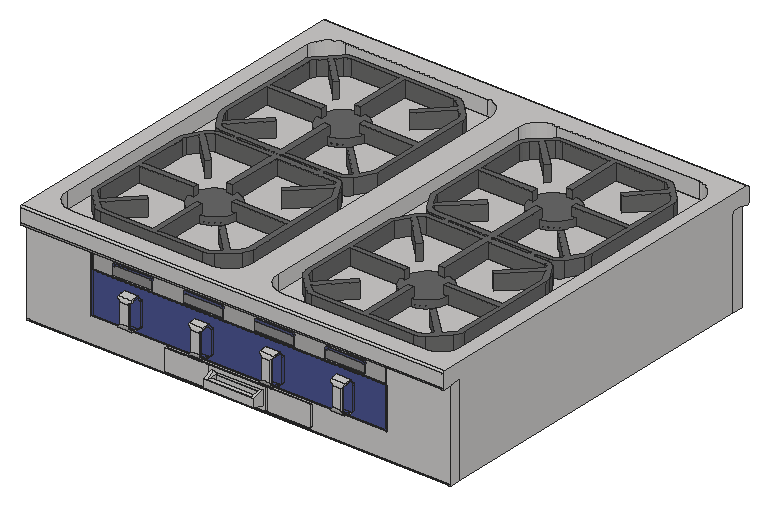
Revit family "QF_ELECTROLUXPROFESSIONAL_593313_MCGDABEOVI", category Specialty Equipment, Revit 2018
Family settings
  Round Connector Dimension = Use Diameter
  Part Type = Normal
  Work Plane-Based = No
  Always vertical = Yes
  Cut with Voids When Loaded = No
  Shared = No
  Room Calculation Point = No
Parameters (values of type "Standard")
  Weight = 41.00 kg
  Watts = 0 W
  Volts = 0 V
  URL Manufacturer = "http://professional.electrolux.com"
  URL = "http://professional.electrolux.com"
  Steam Supply Size = 0"
  Steam Supply Minimum Pressure = 0.00 psi
  Steam Supply Maximum Pressure = 0.00 psi
  Steam Pounds per Hour = 0
  Show Clearance [instance] = yes
  Refrigeration Suction Line Size = 0 mm
  Refrigeration Liquid Line Size = 0 mm
  Refrigerant Compressor Remote = yes
  Phase = 0
  Model = "MCGDABEOVI"
  Manufacturer = "Electrolux Professional"
  Length Actual = 500 mm  # constant formula
  Item Number = "593313"
  Hot Water Size = 0"
  Height Actual = 250 mm  # constant formula
  HP = "0 HP"
  Gas Size = 1/2"
  Gas KW = 17
  Gas Input Pressure = 1.63571 Btu/h
  Direct Waste Size = 0"
  Description = "GAS TOP,2B,TOWNGAS,ECO,1S,BS,500X900X250"
  Depth Actual = 900 mm  # constant formula
  Cycle = 0 Hz
  Condensate Return Size = 0"
  Compressed Air Volume = 0 GPM
  Compressed Air Size = 0"
  Compressed Air Pressure = 0.00 psi
  Cold Water Size = 0"
  Back Panel [instance] = yes
  Accessory = yes
Reference planes
  plane 1 "BACK": y = 0
  plane 2: z = 0
  plane 3 "LEFT": x = 0
  plane 4 "RIGHT": x = 1000
  plane 5 "FRONT": y = -900
  plane 6 "TOP": z = 250
  plane 7: x = 500
  plane 8: y = -450
  plane 9: x = 965
  plane 10: y = -60.425
  plane 11: y = -1330
Forms (mm)
  Extrusion 1, solid, material "QF_Finishes_Stainless Steel"
    sketch origin (0, -487.128, 0) x (0, 1, 0) y (0, 0, 1)
      loop
        line (483.128, 250) -> (-408.872, 250)
        arc (-408.872, 250) -> (-411.7, 248.828) -> (-412.872, 246) r 4
        line (-412.872, 246) -> (-412.872, 214)
        arc (-412.872, 214) -> (-411.437, 210.931) -> (-408.161, 210.064) r 4
        line (-408.161, 210.064) -> (-392.872, 213) -> (-367.872, 213) -> (-367.872, 0) -> (441.714, 0) -> (441.714, 213) -> (465.765, 213) -> (482.433, 210.061)
        arc (482.433, 210.061) -> (485.699, 210.936) -> (487.128, 214) r 4
        line (487.128, 214) -> (487.128, 246)
        arc (487.128, 246) -> (485.956, 248.828) -> (483.128, 250) r 4
    from 0 to 1000
  Extrusion 2, solid, material "QF_Finishes_Stainless Steel", visible <- "Back Panel"
    sketch origin (0, 0.586, 0) x (0, 1, 0) y (0, 0, 1)
      loop
        line (-46, 0) -> (-21, 0) -> (-21, 212.833) -> (-21.949, 213) -> (-46, 213) -> (-46, 0)
    from 0 to 1000
  Extrusion 3, void
    sketch origin (653.786, 44.048, 250) x (1, 0, 0) y (0, -1, 0)
      loop
        line (-570.234, 89.462) -> (-234.333, 89.462)
        arc (-234.333, 89.462) -> (-199.707, 103.805) -> (-185.364, 138.432) r 48.97
        line (-185.364, 138.432) -> (-185.364, 850.078)
        arc (-185.364, 850.078) -> (-199.707, 884.705) -> (-234.333, 899.048) r 48.97
        line (-234.333, 899.048) -> (-570.234, 899.048)
        arc (-570.234, 899.048) -> (-605.59, 884.403) -> (-620.234, 849.048) r 50
        line (-620.234, 849.048) -> (-620.234, 139.462)
        arc (-620.234, 139.462) -> (-605.59, 104.107) -> (-570.234, 89.462) r 50
      loop
        line (264.679, 899.048) -> (-71.222, 899.048)
        arc (-71.222, 899.048) -> (-106.577, 884.403) -> (-121.222, 849.048) r 50
        line (-121.222, 849.048) -> (-121.222, 139.462)
        arc (-121.222, 139.462) -> (-106.577, 104.107) -> (-71.222, 89.462) r 50
        line (-71.222, 89.462) -> (264.679, 89.462)
        arc (264.679, 89.462) -> (299.306, 103.805) -> (313.649, 138.432) r 48.97
        line (313.649, 138.432) -> (313.649, 850.078)
        arc (313.649, 850.078) -> (299.306, 884.705) -> (264.679, 899.048) r 48.97
    from 0 to 37
  Extrusion 4, solid, material "QF_Finishes_Stainless Steel"
    sketch origin (10, -759, 0) x (1, 0, 0) y (0, -1, 0)
      loop
        circle (955, -169) r 6.35
    from 0 to 3.2
  Extrusion 5, solid, material "QF_Door-Drawer Clearances", visible <- "Show Clearance", detail levels coarse
    sketch origin (-178.969, -4572, 0) x (-1, 0, 0) y (0, -1, 0)
      loop
        line (-507.364, -3689.407) -> (-507.364, -3242) -> (-851.364, -3242) -> (-851.364, -3689.407) -> (-507.364, -3689.407)
    from 8.012 to 59.392
Cuts and joins
  Extrusion 3 cuts Extrusion 1
Lines and regions (mm)
  symbolic lines
    curve 1: line (0, 0, 0) -> (1000, 0, 0)
    curve 2: line (0, -900, 0) -> (0, 0, 0)
    curve 3: line (1000, -900, 0) -> (0, -900, 0)
    curve 4: line (1000, 0, 0) -> (1000, -900, 0)
    curve 5: arc (83.552, -855, 0) -> (48.197, -840.355, 0) -> (33.552, -805, 0) r 50
    curve 6: line (33.552, -805, 0) -> (33.552, -95.414, 0)
    curve 7: arc (33.552, -95.414, 0) -> (48.197, -60.059, 0) -> (83.552, -45.414, 0) r 50
    curve 8: line (83.552, -45.414, 0) -> (417.592, -45.414, 0)
    curve 9: arc (918.465, -45.414, 0) -> (953.092, -59.757, 0) -> (967.435, -94.384, 0) r 48.97
    curve 10: line (967.435, -94.384, 0) -> (967.435, -806.03, 0)
    curve 11: arc (967.435, -806.03, 0) -> (953.092, -840.657, 0) -> (918.465, -855, 0) r 48.97
    curve 12: line (918.465, -855, 0) -> (582.408, -855, 0)
    curve 13: line (582.408, -45.414, 0) -> (918.465, -45.414, 0)
    curve 14: line (417.592, -855, 0) -> (83.552, -855, 0)
    curve 15: arc (582.408, -855, 0) -> (547.053, -840.355, 0) -> (532.408, -805, 0) r 50
    curve 16: line (532.408, -805, 0) -> (532.408, -95.414, 0)
    curve 17: arc (532.408, -95.414, 0) -> (547.053, -60.059, 0) -> (582.408, -45.414, 0) r 50
    curve 18: arc (417.592, -855, 0) -> (452.947, -840.355, 0) -> (467.592, -805, 0) r 50
    curve 19: line (467.592, -805, 0) -> (467.592, -95.414, 0)
    curve 20: arc (467.592, -95.414, 0) -> (452.947, -60.059, 0) -> (417.592, -45.414, 0) r 50
  symbolic lines, style "QF_Door-Drawer Clearances"
    curve 21: line (328.395, -900, 0) -> (328.395, -1330, 0)
    curve 22: line (328.395, -1330, 0) -> (672.395, -1330, 0)
    curve 23: line (672.395, -1330, 0) -> (672.395, -900, 0)
Dimensions and locks
  plane 3 "LEFT" to plane 4 "RIGHT" = 1000 mm
  plane 5 "FRONT" to plane 1 "BACK" = 900 mm
  equal spacing: plane 3 "LEFT", plane 7, plane 4 "RIGHT"
  equal spacing: plane 5 "FRONT", plane 8, plane 1 "BACK"
  plane 6 "TOP" to level = 250 mm  (x2)
  plane 1 "BACK" to plane 5 "FRONT" = 900 mm
  Extrusion 4 sketch curve to plane 1 "BACK" = 590 mm
  Extrusion 4 sketch curve to plane 4 "RIGHT" = 35 mm
  plane 1 "BACK" to Extrusion 4 = 590 mm
  plane 9 to plane 4 "RIGHT" = 35 mm
  plane 5 "FRONT" to plane 11 = 430 mm
  aligned and locked: level to plane 2
  aligned and locked: Extrusion 1 to plane 4 "RIGHT"
Automatic sketch dimensions
  Extrusion 1 sketch curve to plane 5 "FRONT" = 0 mm
  Extrusion 1 sketch curve to plane 6 "TOP" = 0 mm
  Extrusion 1 sketch curve to level = 0 mm
  Extrusion 1 sketch curve to plane 1 "BACK" = 0 mm
  Extrusion 1 sketch curve to plane 6 "TOP" = 37 mm  (x2)
  Extrusion 1 sketch curve to plane 5 "FRONT" = 4 mm
  Extrusion 1 sketch curve to plane 5 "FRONT" = 20 mm
  Extrusion 1 sketch curve to plane 5 "FRONT" = 45 mm
  plane 1 "BACK" to Extrusion 1 sketch curve = 21.363 mm
  plane 1 "BACK" to Extrusion 1 sketch curve = 4 mm  (x2)
  Extrusion 1 sketch curve to Extrusion 1 sketch curve = 4 mm
  Extrusion 1 sketch curve to Extrusion 1 sketch curve = 0.711 mm
  plane 1 "BACK" to Extrusion 1 sketch curve = 4.695 mm
  Extrusion 1 sketch curve to Extrusion 1 sketch curve = 0 mm  (x2)
  Extrusion 1 sketch curve to Extrusion 1 sketch curve = 1 mm  (x2)
  plane 1 "BACK" to Extrusion 1 sketch curve = 45.414 mm
  Extrusion 2 sketch curve to level = 0 mm
  plane 10 to Extrusion 2 sketch curve = 15.012 mm
  Extrusion 2 sketch curve to plane 6 "TOP" = 37.167 mm
  Extrusion 2 sketch curve to Extrusion 2 sketch curve = 0.949 mm
  plane 1 "BACK" to Extrusion 2 sketch curve = 20.414 mm
  Extrusion 2 sketch curve to plane 6 "TOP" = 37 mm
  plane 1 "BACK" to curve 1 = 0 mm
  curve 1 to plane 4 "RIGHT" = 0 mm
  curve 3 to plane 3 "LEFT" = 0 mm
  plane 5 "FRONT" to curve 3 = 0 mm
  curve 10 to plane 9 = 2.435 mm
  plane 10 to curve 13 = 15.012 mm
  plane 9 to curve 13 = 46.535 mm
  plane 9 to curve 12 = 46.535 mm
  plane 7 to curve 16 = 32.408 mm
  curve 19 to plane 7 = 32.408 mm
  plane 3 "LEFT" to curve 8 = 83.552 mm
  plane 3 "LEFT" to curve 14 = 83.552 mm
  plane 3 "LEFT" to curve 6 = 33.552 mm
  curve 15 to curve 16 = 50 mm
  curve 20 to plane 10 = 34.988 mm
  curve 18 to plane 5 "FRONT" = 45 mm
  curve 19 to curve 18 = 50 mm
  Extrusion 1 to Extrusion 3 sketch curve = 33.552 mm
  Extrusion 1 to Extrusion 3 sketch curve = 41 mm  (x2)
  Extrusion 3 sketch curve to Extrusion 3 sketch curve = 50 mm  (x4)
  Extrusion 1 to Extrusion 3 sketch curve = 41.414 mm
  Extrusion 3 sketch curve to Extrusion 3 sketch curve = 335.901 mm  (x2)
  Extrusion 3 sketch curve to Extrusion 3 sketch curve = 48.97 mm
  Extrusion 3 sketch curve to Extrusion 3 sketch curve = 64.142 mm
  Extrusion 1 to Extrusion 3 sketch curve = 81.535 mm  (x2)
  Extrusion 1 to Extrusion 3 sketch curve = 32.565 mm
  Extrusion 3 sketch curve to Extrusion 3 sketch curve = 1.03 mm
  curve 18 to curve 16 = 0 mm
  plane 10 to curve 8 = 15.012 mm
  curve 16 to plane 10 = 34.988 mm
  Extrusion 5 sketch curve to plane 5 "FRONT" = 17.407 mm
  plane 7 to Extrusion 5 sketch curve = 172.395 mm
  Extrusion 5 sketch curve to plane 7 = 171.605 mm
  plane 5 "FRONT" to Extrusion 5 sketch curve = 430 mm
  curve 21 to plane 11 = 0 mm
  curve 21 to plane 7 = 171.605 mm
  plane 7 to curve 22 = 172.395 mm
  curve 21 to plane 5 "FRONT" = 0 mm
  curve 23 to plane 5 "FRONT" = 0 mm
  radius of Extrusion 4 sketch curve = 6.35 mm
Nested families
  nested 1: "OBT_900_Open Burner" at (250, -450.207, -649.319), type "OBT_900_Open Burner"
  nested 2: "OBT_900_Open Burner" at (750, -450.207, -649.319) x (-1, 0, 0) z (0, 0, 1), type "OBT_900_Open Burner"
  nested 3: "EG_900_1000_Four Range Control Handle Front Panel" at (202.376, -855, -650), type "EG_900_1000_Four Range Control Handle Front Panel"
Connectors
  piping at (965, -590, -3.2), diameter 12.8
    settings: on Extrusion 4, index 1, connector inside diameter 0.50394", connector length 0 mm, flow factor 0, pipe flow 0 GPM, pressure drop 0.00 psi, fitting loss kfactor 0, connector angle 0.00°, fixture units 0, engagement length 0 mm, angle of deflection 0.00°, flow configuration 1, flow direction 1, fitting loss method 0, system type 7, joint type 0, gender type 0, connector reference index -1, connector utility 0, adjustable connector no, is connector primary yes, connector description "GAS CONNECTION"
Definition of nested family "OBT_900_Open Burner"
  Reference planes
    plane 1 "Center (Front/Back)": y = 0
    plane 2: z = 0
    plane 3 "Center (Left/Right)": x = 0
    plane 4: x = -186.448
    plane 5: x = 187.435
    plane 6: y = 374.793
    plane 7: y = -374.793
    plane 8: y = -188.326
  Forms (mm)
    Extrusion 1, solid
      sketch origin (2130.573, 56.896, -679.622) x (1, 0, 0) y (0, 1, 0)
        loop
          line (-2137.44, 306.49) -> (-2250.793, 306.49)
          arc (-2250.793, 306.49) -> (-2257.908, 305.075) -> (-2263.94, 301.044) r 18.593
          line (-2263.94, 301.044) -> (-2276.233, 288.751) -> (-2213.48, 225.998) -> (-2221.6, 217.877) -> (-2284.354, 280.631) -> (-2300.33, 264.654)
          arc (-2300.33, 264.654) -> (-2304.433, 258.337) -> (-2305.614, 250.897) r 18.125
          line (-2305.614, 250.897) -> (-2305.614, 138.422) -> (-2175.79, 138.422) -> (-2175.79, 126.938) -> (-2305.614, 126.938) -> (-2305.614, 10.897)
          arc (-2305.614, 10.897) -> (-2304.981, 6.085) -> (-2303.123, 1.601) r 18.593
          line (-2303.123, 1.601) -> (-2290.078, -20.994) -> (-2221.6, 47.483) -> (-2213.48, 39.363) -> (-2284.012, -31.169)
          arc (-2284.012, -31.169) -> (-2278.546, -38.527) -> (-2270.23, -42.379) r 18.593
          line (-2270.23, -42.379) -> (-2137.44, -42.379) -> (-2137.44, 87.464) -> (-2123.707, 87.464) -> (-2123.707, -42.379) -> (-1989.813, -42.379)
          arc (-1989.813, -42.379) -> (-1981.496, -38.527) -> (-1976.031, -31.169) r 18.593
          line (-1976.031, -31.169) -> (-2047.115, 39.915) -> (-2038.994, 48.035) -> (-1969.962, -20.997) -> (-1954.428, 5.916) -> (-1954.428, 126.938) -> (-2085.357, 126.938) -> (-2085.357, 138.422) -> (-1954.428, 138.422) -> (-1954.428, 247.888)
          arc (-1954.428, 247.888) -> (-1956.538, 258.496) -> (-1962.547, 267.489) r 27.72
          line (-1962.547, 267.489) -> (-1975.689, 280.631) -> (-2038.994, 217.325) -> (-2047.115, 225.446) -> (-1983.809, 288.751) -> (-1996.102, 301.044)
          arc (-1996.102, 301.044) -> (-2002.134, 305.075) -> (-2009.25, 306.49) r 18.593
          line (-2009.25, 306.49) -> (-2123.707, 306.49) -> (-2123.707, 177.897) -> (-2137.44, 177.897) -> (-2137.44, 306.49)
        loop
          arc (-2317.021, 10.897) -> (-2315.999, 3.132) -> (-2313.002, -4.103) r 30
          line (-2313.002, -4.103) -> (-2292.795, -39.103)
          arc (-2292.795, -39.103) -> (-2281.814, -50.084) -> (-2266.814, -54.103) r 30
          line (-2266.814, -54.103) -> (-2239.287, -54.103)
          arc (-2239.287, -54.103) -> (-2238.243, -56) -> (-2236.272, -56.896) r 3.438
          arc (-2236.272, -56.896) -> (-2238.243, -57.792) -> (-2239.287, -59.689) r 3.438
          line (-2239.287, -59.689) -> (-2266.814, -59.689)
          arc (-2266.814, -59.689) -> (-2281.814, -63.708) -> (-2292.795, -74.689) r 30
          line (-2292.795, -74.689) -> (-2313.002, -109.689)
          arc (-2313.002, -109.689) -> (-2315.999, -116.924) -> (-2317.021, -124.689) r 30
          line (-2317.021, -124.689) -> (-2317.021, -365.461)
          arc (-2317.021, -365.461) -> (-2314.738, -376.941) -> (-2308.234, -386.674) r 30
          line (-2308.234, -386.674) -> (-2271.975, -422.933)
          arc (-2271.975, -422.933) -> (-2262.253, -429.414) -> (-2250.793, -431.689) r 30
          line (-2250.793, -431.689) -> (-2009.25, -431.689)
          arc (-2009.25, -431.689) -> (-1997.786, -429.412) -> (-1988.062, -422.928) r 30
          line (-1988.062, -422.928) -> (-1951.808, -386.674)
          arc (-1951.808, -386.674) -> (-1945.305, -376.941) -> (-1942.982, -365.461) r 30
          line (-1942.982, -365.461) -> (-1942.982, -116.719) -> (-1967.248, -74.689)
          arc (-1967.248, -74.689) -> (-1978.229, -63.708) -> (-1993.229, -59.689) r 30
          line (-1993.229, -59.689) -> (-2020.319, -59.689)
          arc (-2020.319, -59.689) -> (-2021.979, -57.759) -> (-2024.375, -56.896) r 5
          arc (-2024.375, -56.896) -> (-2021.979, -56.033) -> (-2020.319, -54.103) r 5
          line (-2020.319, -54.103) -> (-1993.229, -54.103)
          arc (-1993.229, -54.103) -> (-1978.229, -50.084) -> (-1967.248, -39.103) r 30
          line (-1967.248, -39.103) -> (-1943.138, 2.656) -> (-1943.138, 254.314)
          arc (-1943.138, 254.314) -> (-1945.839, 264.361) -> (-1951.808, 272.882) r 30
          line (-1951.808, 272.882) -> (-1988.062, 309.136)
          arc (-1988.062, 309.136) -> (-1997.786, 315.62) -> (-2009.25, 317.897) r 30
          line (-2009.25, 317.897) -> (-2250.793, 317.897)
          arc (-2250.793, 317.897) -> (-2262.253, 315.622) -> (-2271.975, 309.141) r 30
          line (-2271.975, 309.141) -> (-2308.234, 272.882)
          arc (-2308.234, 272.882) -> (-2314.738, 263.149) -> (-2317.021, 251.669) r 30
          line (-2317.021, 251.669) -> (-2317.021, 10.897)
        loop
          arc (-2122.397, -54.103) -> (-2124.057, -56.033) -> (-2126.452, -56.896) r 5
          arc (-2126.452, -56.896) -> (-2124.057, -57.759) -> (-2122.397, -59.689) r 5
          line (-2122.397, -59.689) -> (-2035.829, -59.689)
          arc (-2035.829, -59.689) -> (-2034.784, -57.792) -> (-2032.813, -56.896) r 3.438
          arc (-2032.813, -56.896) -> (-2034.784, -56) -> (-2035.829, -54.103) r 3.438
          line (-2035.829, -54.103) -> (-2122.397, -54.103)
        loop
          arc (-2223.778, -54.103) -> (-2225.438, -56.033) -> (-2227.833, -56.896) r 5
          arc (-2227.833, -56.896) -> (-2225.438, -57.759) -> (-2223.778, -59.689) r 5
          line (-2223.778, -59.689) -> (-2137.906, -59.689)
          arc (-2137.906, -59.689) -> (-2136.862, -57.792) -> (-2134.891, -56.896) r 3.438
          arc (-2134.891, -56.896) -> (-2136.862, -56) -> (-2137.906, -54.103) r 3.438
          line (-2137.906, -54.103) -> (-2223.778, -54.103)
        loop
          line (-2137.44, -420.282) -> (-2137.44, -290.439) -> (-2123.707, -290.439) -> (-2123.707, -420.282) -> (-2009.25, -420.282)
          arc (-2009.25, -420.282) -> (-2002.134, -418.867) -> (-1996.102, -414.836) r 18.593
          line (-1996.102, -414.836) -> (-1983.184, -401.918) -> (-2047.115, -337.988) -> (-2038.994, -329.867) -> (-1975.064, -393.798) -> (-1962.547, -381.281)
          arc (-1962.547, -381.281) -> (-1956.538, -372.288) -> (-1954.428, -361.68) r 27.72
          line (-1954.428, -361.68) -> (-1954.428, -250.964) -> (-2085.357, -250.964) -> (-2085.357, -239.48) -> (-1954.428, -239.48) -> (-1954.428, -119.708) -> (-1970.42, -92.003) -> (-2038.994, -160.577) -> (-2047.115, -152.457) -> (-1976.413, -81.755)
          arc (-1976.413, -81.755) -> (-1981.868, -74.971) -> (-1989.813, -71.413) r 18.593
          line (-1989.813, -71.413) -> (-2123.707, -71.413) -> (-2123.707, -200.006) -> (-2137.44, -200.006) -> (-2137.44, -71.413) -> (-2270.23, -71.413)
          arc (-2270.23, -71.413) -> (-2278.175, -74.971) -> (-2283.629, -81.755) r 18.593
          line (-2283.629, -81.755) -> (-2213.48, -151.905) -> (-2221.6, -160.025) -> (-2289.62, -92.005) -> (-2303.123, -115.393)
          arc (-2303.123, -115.393) -> (-2304.981, -119.877) -> (-2305.614, -124.689) r 18.593
          line (-2305.614, -124.689) -> (-2305.614, -239.48) -> (-2175.79, -239.48) -> (-2175.79, -250.964) -> (-2305.614, -250.964) -> (-2305.614, -364.689)
          arc (-2305.614, -364.689) -> (-2304.433, -372.129) -> (-2300.33, -378.446) r 18.125
          line (-2300.33, -378.446) -> (-2284.979, -393.798) -> (-2221.6, -330.419) -> (-2213.48, -338.54) -> (-2276.858, -401.918) -> (-2263.94, -414.836)
          arc (-2263.94, -414.836) -> (-2257.908, -418.867) -> (-2250.793, -420.282) r 18.593
          line (-2250.793, -420.282) -> (-2137.44, -420.282)
      from 1542.072 to 1578.941
    Extrusion 2, solid
      sketch origin (2130.573, 61.122, 0) x (1, 0, 0) y (0, 1, 0)
        loop
          circle (-2130.573, -249.448) r 55
        loop
          circle (-2130.573, 128.455) r 55
      from 862.45 to 879.837
    Extrusion 3, void
      sketch origin (-124.371, -355.785, -22.784) x (-0.587785, -0.809017, 0) y (0, 0, 1)
        loop
          circle (-213.495, 891.283) r 1
      from -67.69 to -35.114
    Extrusion 4, void
      sketch origin (-89.903, -376.417, -22.784) x (-0.422618, -0.906308, 0) y (0, 0, 1)
        loop
          circle (-213.495, 891.283) r 1
      from -74.826 to -35.114
    Extrusion 5, void
      sketch origin (-52.131, -390.093, -22.784) x (-0.241922, -0.970296, 0) y (0, 0, 1)
        loop
          circle (-213.495, 891.283) r 1
      from -67.69 to -35.114
    Extrusion 6, void
      sketch origin (27.702, -394.842, -22.784) x (0.139173, -0.990268, 0) y (0, 0, 1)
        loop
          circle (-213.495, 891.283) r 1
      from -67.69 to -35.114
    Extrusion 7, void
      sketch origin (66.829, -385.74, -22.784) x (0.325568, -0.945519, 0) y (0, 0, 1)
        loop
          circle (-213.495, 891.283) r 1
      from -67.69 to -35.114
    Extrusion 8, void
      sketch origin (103.5, -369.339, -22.784) x (0.5, -0.866025, 0) y (0, 0, 1)
        loop
          circle (-213.495, 891.283) r 1
      from -67.69 to -35.114
    Extrusion 9, void
      sketch origin (136.368, -346.242, -22.784) x (0.656059, -0.75471, 0) y (0, 0, 1)
        loop
          circle (-213.495, 891.283) r 1
      from -67.69 to -35.114
    Extrusion 10, void
      sketch origin (164.225, -317.298, -22.784) x (0.788011, -0.615661, 0) y (0, 0, 1)
        loop
          circle (-213.495, 891.283) r 1
      from -67.69 to -35.114
    Extrusion 11, void
      sketch origin (186.048, -283.571, -22.784) x (0.891007, -0.45399, 0) y (0, 0, 1)
        loop
          circle (-213.495, 891.283) r 1
      from -67.69 to -35.114
    Extrusion 12, void
      sketch origin (201.034, -246.299, -22.784) x (0.961262, -0.275637, 0) y (0, 0, 1)
        loop
          circle (-213.495, 891.283) r 1
      from -67.69 to -35.114
    Extrusion 13, void
      sketch origin (208.566, -166.681, -22.784) x (0.994522, 0.104528, 0) y (0, 0, 1)
        loop
          circle (-213.495, 891.283) r 1
      from -67.69 to -35.114
    Extrusion 14, void
      sketch origin (200.835, -127.26, -22.784) x (0.956305, 0.292372, 0) y (0, 0, 1)
        loop
          circle (-213.495, 891.283) r 1
      from -67.69 to -35.114
    Extrusion 15, void
      sketch origin (185.724, -90.039, -22.784) x (0.882948, 0.469472, 0) y (0, 0, 1)
        loop
          circle (-213.495, 891.283) r 1
      from -67.69 to -35.114
    Extrusion 16, void
      sketch origin (163.788, -56.385, -22.784) x (0.777146, 0.62932, 0) y (0, 0, 1)
        loop
          circle (-213.495, 891.283) r 1
      from -67.69 to -35.114
    Extrusion 17, void
      sketch origin (135.834, -27.534, -22.784) x (0.642788, 0.766044, 0) y (0, 0, 1)
        loop
          circle (-213.495, 891.283) r 1
      from -67.69 to -35.114
    Extrusion 18, void
      sketch origin (102.889, -4.548, -22.784) x (0.48481, 0.87462, 0) y (0, 0, 1)
        loop
          circle (-213.495, 891.283) r 1
      from -67.69 to -35.114
    Extrusion 19, void
      sketch origin (66.163, 11.73, -22.784) x (0.309017, 0.951057, 0) y (0, 0, 1)
        loop
          circle (-213.495, 891.283) r 1
      from -67.69 to -35.114
    Extrusion 20, void
      sketch origin (-52.811, 15.685, -22.784) x (-0.258819, 0.965926, 0) y (0, 0, 1)
        loop
          circle (-213.495, 891.283) r 1
      from -67.69 to -35.114
    Extrusion 21, void
      sketch origin (-90.537, 1.882, -22.784) x (-0.438371, 0.898794, 0) y (0, 0, 1)
        loop
          circle (-213.495, 891.283) r 1
      from -67.69 to -35.114
    Extrusion 22, void
      sketch origin (-124.936, -18.865, -22.784) x (-0.601815, 0.798636, 0) y (0, 0, 1)
        loop
          circle (-213.495, 891.283) r 1
      from -67.69 to -35.114
    Extrusion 23, void
      sketch origin (-154.744, -45.796, -22.784) x (-0.743145, 0.669131, 0) y (0, 0, 1)
        loop
          circle (-213.495, 891.283) r 1
      from -67.69 to -35.114
    Extrusion 24, void
      sketch origin (-178.866, -77.919, -22.784) x (-0.857167, 0.515038, 0) y (0, 0, 1)
        loop
          circle (-213.495, 891.283) r 1
      from -67.69 to -35.114
    Extrusion 25, void
      sketch origin (-196.416, -114.054, -22.784) x (-0.939693, 0.34202, 0) y (0, 0, 1)
        loop
          circle (-213.495, 891.283) r 1
      from -67.69 to -35.114
    Extrusion 26, void
      sketch origin (-204.521, -232.817, -22.784) x (-0.97437, -0.224951, 0) y (0, 0, 1)
        loop
          circle (-213.495, 891.283) r 1
      from -67.69 to -35.114
    Extrusion 27, void
      sketch origin (-192.043, -271.002, -22.784) x (-0.913545, -0.406737, 0) y (0, 0, 1)
        loop
          circle (-213.495, 891.283) r 1
      from -67.69 to -35.114
    Extrusion 28, void
      sketch origin (-172.509, -306.104, -22.784) x (-0.819152, -0.573576, 0) y (0, 0, 1)
        loop
          circle (-213.495, 891.283) r 1
      from -67.69 to -35.114
    Extrusion 29, void
      sketch origin (-146.635, -336.834, -22.784) x (-0.694658, -0.71934, 0) y (0, 0, 1)
        loop
          circle (-213.495, 891.283) r 1
      from -67.69 to -35.114
    Extrusion 30, void
      sketch origin (-124.371, 22.118, -22.784) x (-0.587785, -0.809017, 0) y (0, 0, 1)
        loop
          circle (-213.495, 891.283) r 1
      from -67.69 to -35.114
    Extrusion 31, void
      sketch origin (-89.903, 1.485, -22.784) x (-0.422618, -0.906308, 0) y (0, 0, 1)
        loop
          circle (-213.495, 891.283) r 1
      from -74.826 to -35.114
    Extrusion 32, void
      sketch origin (-52.131, -12.191, -22.784) x (-0.241922, -0.970296, 0) y (0, 0, 1)
        loop
          circle (-213.495, 891.283) r 1
      from -67.69 to -35.114
    Extrusion 33, void
      sketch origin (27.702, -16.939, -22.784) x (0.139173, -0.990268, 0) y (0, 0, 1)
        loop
          circle (-213.495, 891.283) r 1
      from -67.69 to -35.114
    Extrusion 34, void
      sketch origin (66.829, -7.837, -22.784) x (0.325568, -0.945519, 0) y (0, 0, 1)
        loop
          circle (-213.495, 891.283) r 1
      from -67.69 to -35.114
    Extrusion 35, void
      sketch origin (103.5, 8.564, -22.784) x (0.5, -0.866025, 0) y (0, 0, 1)
        loop
          circle (-213.495, 891.283) r 1
      from -67.69 to -35.114
    Extrusion 36, void
      sketch origin (136.368, 31.66, -22.784) x (0.656059, -0.75471, 0) y (0, 0, 1)
        loop
          circle (-213.495, 891.283) r 1
      from -67.69 to -35.114
    Extrusion 37, void
      sketch origin (164.225, 60.604, -22.784) x (0.788011, -0.615661, 0) y (0, 0, 1)
        loop
          circle (-213.495, 891.283) r 1
      from -67.69 to -35.114
    Extrusion 38, void
      sketch origin (186.048, 94.332, -22.784) x (0.891007, -0.45399, 0) y (0, 0, 1)
        loop
          circle (-213.495, 891.283) r 1
      from -67.69 to -35.114
    Extrusion 39, void
      sketch origin (201.034, 131.603, -22.784) x (0.961262, -0.275637, 0) y (0, 0, 1)
        loop
          circle (-213.495, 891.283) r 1
      from -67.69 to -35.114
    Extrusion 40, void
      sketch origin (208.566, 211.222, -22.784) x (0.994522, 0.104528, 0) y (0, 0, 1)
        loop
          circle (-213.495, 891.283) r 1
      from -67.69 to -35.114
    Extrusion 41, void
      sketch origin (200.835, 250.642, -22.784) x (0.956305, 0.292372, 0) y (0, 0, 1)
        loop
          circle (-213.495, 891.283) r 1
      from -67.69 to -35.114
    Extrusion 42, void
      sketch origin (185.724, 287.864, -22.784) x (0.882948, 0.469472, 0) y (0, 0, 1)
        loop
          circle (-213.495, 891.283) r 1
      from -67.69 to -35.114
    Extrusion 43, void
      sketch origin (163.788, 321.518, -22.784) x (0.777146, 0.62932, 0) y (0, 0, 1)
        loop
          circle (-213.495, 891.283) r 1
      from -67.69 to -35.114
    Extrusion 44, void
      sketch origin (135.834, 350.368, -22.784) x (0.642788, 0.766044, 0) y (0, 0, 1)
        loop
          circle (-213.495, 891.283) r 1
      from -67.69 to -35.114
    Extrusion 45, void
      sketch origin (102.889, 373.355, -22.784) x (0.48481, 0.87462, 0) y (0, 0, 1)
        loop
          circle (-213.495, 891.283) r 1
      from -67.69 to -35.114
    Extrusion 46, void
      sketch origin (66.163, 389.633, -22.784) x (0.309017, 0.951057, 0) y (0, 0, 1)
        loop
          circle (-213.495, 891.283) r 1
      from -67.69 to -35.114
    Extrusion 47, void
      sketch origin (-52.811, 393.588, -22.784) x (-0.258819, 0.965926, 0) y (0, 0, 1)
        loop
          circle (-213.495, 891.283) r 1
      from -67.69 to -35.114
    Extrusion 48, void
      sketch origin (-90.537, 379.785, -22.784) x (-0.438371, 0.898794, 0) y (0, 0, 1)
        loop
          circle (-213.495, 891.283) r 1
      from -67.69 to -35.114
    Extrusion 49, void
      sketch origin (-124.936, 359.037, -22.784) x (-0.601815, 0.798636, 0) y (0, 0, 1)
        loop
          circle (-213.495, 891.283) r 1
      from -67.69 to -35.114
    Extrusion 50, void
      sketch origin (-154.744, 332.107, -22.784) x (-0.743145, 0.669131, 0) y (0, 0, 1)
        loop
          circle (-213.495, 891.283) r 1
      from -67.69 to -35.114
    Extrusion 51, void
      sketch origin (-178.866, 299.984, -22.784) x (-0.857167, 0.515038, 0) y (0, 0, 1)
        loop
          circle (-213.495, 891.283) r 1
      from -67.69 to -35.114
    Extrusion 52, void
      sketch origin (-196.416, 263.848, -22.784) x (-0.939693, 0.34202, 0) y (0, 0, 1)
        loop
          circle (-213.495, 891.283) r 1
      from -67.69 to -35.114
    Extrusion 53, void
      sketch origin (-204.521, 145.086, -22.784) x (-0.97437, -0.224951, 0) y (0, 0, 1)
        loop
          circle (-213.495, 891.283) r 1
      from -67.69 to -35.114
    Extrusion 54, void
      sketch origin (-192.043, 106.901, -22.784) x (-0.913545, -0.406737, 0) y (0, 0, 1)
        loop
          circle (-213.495, 891.283) r 1
      from -67.69 to -35.114
    Extrusion 55, void
      sketch origin (-172.509, 71.798, -22.784) x (-0.819152, -0.573576, 0) y (0, 0, 1)
        loop
          circle (-213.495, 891.283) r 1
      from -67.69 to -35.114
    Extrusion 56, void
      sketch origin (-146.635, 41.068, -22.784) x (-0.694658, -0.71934, 0) y (0, 0, 1)
        loop
          circle (-213.495, 891.283) r 1
      from -67.69 to -35.114
  Cuts and joins
    Extrusion 3, Extrusion 4, Extrusion 5, Extrusion 6, Extrusion 7, Extrusion 8, Extrusion 9, Extrusion 10, Extrusion 11, Extrusion 12, Extrusion 13, Extrusion 14, Extrusion 15, Extrusion 16, Extrusion 17, Extrusion 18, Extrusion 19, Extrusion 20, Extrusion 21, Extrusion 22, Extrusion 23, Extrusion 24, Extrusion 25, Extrusion 26, Extrusion 27, Extrusion 28, Extrusion 29, Extrusion 30, Extrusion 31, Extrusion 32, Extrusion 33, Extrusion 34, Extrusion 35, Extrusion 36, Extrusion 37, Extrusion 38, Extrusion 39, Extrusion 40, Extrusion 41, Extrusion 42, Extrusion 43, Extrusion 44, Extrusion 45, Extrusion 46, Extrusion 47, Extrusion 48, Extrusion 49, Extrusion 50, Extrusion 51, Extrusion 52, Extrusion 53, Extrusion 54, Extrusion 55, Extrusion 56 cuts Extrusion 2
    Extrusion 32 cuts Extrusion 1
  Lines and regions (mm)
    symbolic lines
      curve 1: arc (54.699, -182.584, 0) -> (39.289, -149.838, 0) -> (6.867, -133.757, 0) r 55
      curve 2: arc (-54.699, -194.068, 0) -> (-39.289, -226.815, 0) -> (-6.867, -242.896, 0) r 55
      curve 3: line (45.217, -194.068, 0) -> (176.145, -194.068, 0)
      curve 4: line (176.145, -194.068, 0) -> (176.145, -304.784, 0)
      curve 5: arc (176.145, -304.784, 0) -> (174.035, -315.392, 0) -> (168.026, -324.385, 0) r 27.72
      curve 6: line (168.026, -324.385, 0) -> (155.51, -336.902, 0)
      curve 7: line (155.51, -336.902, 0) -> (91.579, -272.971, 0)
      curve 8: line (83.459, -281.092, 0) -> (147.389, -345.022, 0)
      curve 9: line (147.389, -345.022, 0) -> (134.471, -357.94, 0)
      curve 10: arc (134.471, -357.94, 0) -> (128.439, -361.971, 0) -> (121.324, -363.386, 0) r 18.593
      curve 11: line (121.324, -363.386, 0) -> (6.867, -363.386, 0)
      curve 12: line (6.867, -363.386, 0) -> (6.867, -233.543, 0)
      curve 13: line (-6.867, -233.543, 0) -> (-6.867, -363.386, 0)
      curve 14: line (-6.867, -363.386, 0) -> (-120.219, -363.386, 0)
      curve 15: arc (-120.219, -363.386, 0) -> (-127.335, -361.971, 0) -> (-133.367, -357.94, 0) r 18.593
      curve 16: line (-133.367, -357.94, 0) -> (-146.285, -345.022, 0)
      curve 17: line (-146.285, -345.022, 0) -> (-82.906, -281.644, 0)
      curve 18: line (-91.027, -273.523, 0) -> (-154.405, -336.902, 0)
      curve 19: line (-154.405, -336.902, 0) -> (-169.757, -321.55, 0)
      curve 20: arc (-169.757, -321.55, 0) -> (-173.86, -315.233, 0) -> (-175.041, -307.793, 0) r 18.125
      curve 21: line (-175.041, -307.793, 0) -> (-175.041, -194.068, 0)
      curve 22: line (-175.041, -194.068, 0) -> (-45.217, -194.068, 0)
      curve 23: line (-45.217, -182.584, 0) -> (-175.041, -182.584, 0)
      curve 24: line (-175.041, -182.584, 0) -> (-175.041, -67.793, 0)
      curve 25: arc (-175.041, -67.793, 0) -> (-174.407, -62.981, 0) -> (-172.55, -58.497, 0) r 18.593
      curve 26: line (-172.55, -58.497, 0) -> (-159.047, -35.109, 0)
      curve 27: line (-159.047, -35.109, 0) -> (-91.027, -103.129, 0)
      curve 28: line (-82.906, -95.009, 0) -> (-153.056, -24.859, 0)
      curve 29: arc (-153.056, -24.859, 0) -> (-147.601, -18.075, 0) -> (-139.656, -14.517, 0) r 18.593
      curve 30: line (-139.656, -14.517, 0) -> (-6.867, -14.517, 0)
      curve 31: line (-6.867, -14.517, 0) -> (-6.867, -143.11, 0)
      curve 32: line (6.867, -143.11, 0) -> (6.867, -14.517, 0)
      curve 33: line (6.867, -14.517, 0) -> (140.761, -14.517, 0)
      curve 34: arc (140.761, -14.517, 0) -> (148.706, -18.075, 0) -> (154.16, -24.859, 0) r 18.593
      curve 35: line (154.16, -24.859, 0) -> (83.459, -95.561, 0)
      curve 36: line (91.579, -103.681, 0) -> (160.154, -35.107, 0)
      curve 37: line (160.154, -35.107, 0) -> (176.145, -62.812, 0)
      curve 38: line (176.145, -62.812, 0) -> (176.145, -182.584, 0)
      curve 39: line (176.145, -182.584, 0) -> (45.217, -182.584, 0)
      curve 40: line (187.592, -59.823, 0) -> (163.326, -17.793, 0)
      curve 41: arc (163.326, -17.793, 0) -> (152.345, -6.812, 0) -> (137.345, -2.793, 0) r 30
      curve 42: line (137.345, -2.793, 0) -> (110.254, -2.793, 0)
      curve 43: arc (110.254, -2.793, 0) -> (108.594, -0.863, 0) -> (106.199, 0, 0) r 5
      curve 44: arc (106.199, 0, 0) -> (108.594, 0.863, 0) -> (110.254, 2.793, 0) r 5
      curve 45: line (110.254, 2.793, 0) -> (137.345, 2.793, 0)
      curve 46: arc (137.345, 2.793, 0) -> (152.345, 6.812, 0) -> (163.326, 17.793, 0) r 30
      curve 47: line (163.326, 17.793, 0) -> (187.435, 59.552, 0)
      curve 48: line (187.435, 59.552, 0) -> (187.435, 311.21, 0)
      curve 49: arc (187.435, 311.21, 0) -> (184.735, 321.257, 0) -> (178.765, 329.778, 0) r 30
      curve 50: line (178.765, 329.778, 0) -> (142.511, 366.032, 0)
      curve 51: arc (142.511, 366.032, 0) -> (132.788, 372.516, 0) -> (121.324, 374.793, 0) r 30
      curve 52: line (121.324, 374.793, 0) -> (-120.219, 374.793, 0)
      curve 53: arc (-120.219, 374.793, 0) -> (-131.68, 372.518, 0) -> (-141.401, 366.037, 0) r 30
      curve 54: line (-141.401, 366.037, 0) -> (-177.661, 329.778, 0)
      curve 55: arc (-177.661, 329.778, 0) -> (-184.164, 320.045, 0) -> (-186.448, 308.565, 0) r 30
      curve 56: line (-186.448, 308.565, 0) -> (-186.448, 67.793, 0)
      curve 57: arc (-186.448, 67.793, 0) -> (-185.426, 60.028, 0) -> (-182.429, 52.793, 0) r 30
      curve 58: line (-182.429, 52.793, 0) -> (-162.221, 17.793, 0)
      curve 59: arc (-162.221, 17.793, 0) -> (-151.241, 6.812, 0) -> (-136.241, 2.793, 0) r 30
      curve 60: line (-136.241, 2.793, 0) -> (-108.714, 2.793, 0)
      curve 61: arc (-108.714, 2.793, 0) -> (-107.669, 0.896, 0) -> (-105.698, 0, 0) r 3.438
      curve 62: arc (-105.698, 0, 0) -> (-107.669, -0.896, 0) -> (-108.714, -2.793, 0) r 3.438
      curve 63: line (-108.714, -2.793, 0) -> (-136.241, -2.793, 0)
      curve 64: arc (-136.241, -2.793, 0) -> (-151.241, -6.812, 0) -> (-162.221, -17.793, 0) r 30
      curve 65: line (-162.221, -17.793, 0) -> (-182.429, -52.793, 0)
      curve 66: arc (-182.429, -52.793, 0) -> (-185.426, -60.028, 0) -> (-186.448, -67.793, 0) r 30
      curve 67: line (-186.448, -67.793, 0) -> (-186.448, -308.565, 0)
      curve 68: arc (-186.448, -308.565, 0) -> (-184.164, -320.045, 0) -> (-177.661, -329.778, 0) r 30
      curve 69: line (-177.661, -329.778, 0) -> (-141.401, -366.037, 0)
      curve 70: arc (-141.401, -366.037, 0) -> (-131.68, -372.518, 0) -> (-120.219, -374.793, 0) r 30
      curve 71: line (-120.219, -374.793, 0) -> (121.324, -374.793, 0)
      curve 72: arc (121.324, -374.793, 0) -> (132.788, -372.516, 0) -> (142.511, -366.032, 0) r 30
      curve 73: line (142.511, -366.032, 0) -> (178.765, -329.778, 0)
      curve 74: arc (178.765, -329.778, 0) -> (185.269, -320.045, 0) -> (187.552, -308.565, 0) r 30
      curve 75: line (187.592, -308.565, 0) -> (187.592, -59.823, 0)
      curve 76: line (94.745, -2.793, 0) -> (8.177, -2.793, 0)
      curve 77: arc (8.177, -2.793, 0) -> (6.517, -0.863, 0) -> (4.121, 0, 0) r 5
      curve 78: arc (4.121, 0, 0) -> (6.517, 0.863, 0) -> (8.177, 2.793, 0) r 5
      curve 79: line (8.177, 2.793, 0) -> (94.745, 2.793, 0)
      curve 80: arc (94.745, 2.793, 0) -> (95.789, 0.896, 0) -> (97.76, 0, 0) r 3.438
      curve 81: arc (97.76, 0, 0) -> (95.789, -0.896, 0) -> (94.745, -2.793, 0) r 3.438
      curve 82: line (-7.333, -2.793, 0) -> (-93.204, -2.793, 0)
      curve 83: arc (-93.204, -2.793, 0) -> (-94.864, -0.863, 0) -> (-97.26, 0, 0) r 5
      curve 84: arc (-97.26, 0, 0) -> (-94.864, 0.863, 0) -> (-93.204, 2.793, 0) r 5
      curve 85: line (-93.204, 2.793, 0) -> (-7.333, 2.793, 0)
      curve 86: arc (-7.333, 2.793, 0) -> (-6.288, 0.896, 0) -> (-4.317, 0, 0) r 3.438
      curve 87: arc (-4.317, 0, 0) -> (-6.288, -0.896, 0) -> (-7.333, -2.793, 0) r 3.438
      curve 88: line (-6.867, 14.517, 0) -> (-139.656, 14.517, 0)
      curve 89: arc (-139.656, 14.517, 0) -> (-147.973, 18.369, 0) -> (-153.438, 25.727, 0) r 18.593
      curve 90: line (-153.438, 25.727, 0) -> (-82.906, 96.259, 0)
      curve 91: line (-91.027, 104.379, 0) -> (-159.504, 35.902, 0)
      curve 92: line (-159.504, 35.902, 0) -> (-172.55, 58.497, 0)
      curve 93: arc (-172.55, 58.497, 0) -> (-174.407, 62.981, 0) -> (-175.041, 67.793, 0) r 18.593
      curve 94: line (-175.041, 67.793, 0) -> (-175.041, 183.834, 0)
      curve 95: line (-175.041, 183.834, 0) -> (-45.217, 183.834, 0)
      curve 96: line (-45.217, 195.318, 0) -> (-175.041, 195.318, 0)
      curve 97: line (-175.041, 195.318, 0) -> (-175.041, 307.793, 0)
      curve 98: arc (-175.041, 307.793, 0) -> (-173.86, 315.233, 0) -> (-169.757, 321.55, 0) r 18.125
      curve 99: line (-169.757, 321.55, 0) -> (-153.78, 337.527, 0)
      curve 100: line (-153.78, 337.527, 0) -> (-91.027, 274.773, 0)
      curve 101: line (-91.027, 274.773, 0) -> (-82.906, 282.894, 0)
      curve 102: line (-82.906, 282.894, 0) -> (-145.66, 345.647, 0)
      curve 103: line (-145.66, 345.647, 0) -> (-133.367, 357.94, 0)
      curve 104: arc (-133.367, 357.94, 0) -> (-127.335, 361.971, 0) -> (-120.219, 363.386, 0) r 18.593
      curve 105: line (-120.219, 363.386, 0) -> (-6.867, 363.386, 0)
      curve 106: line (-6.867, 363.386, 0) -> (-6.867, 234.793, 0)
      curve 107: line (-6.867, 234.793, 0) -> (6.867, 234.793, 0)
      curve 108: line (6.867, 234.793, 0) -> (6.867, 363.386, 0)
      curve 109: line (6.867, 363.386, 0) -> (121.324, 363.386, 0)
      curve 110: arc (121.324, 363.386, 0) -> (128.439, 361.971, 0) -> (134.471, 357.94, 0) r 18.593
      curve 111: line (134.471, 357.94, 0) -> (146.764, 345.647, 0)
      curve 112: line (146.764, 345.647, 0) -> (83.459, 282.342, 0)
      curve 113: line (91.579, 274.221, 0) -> (154.885, 337.527, 0)
      curve 114: line (154.885, 337.527, 0) -> (168.026, 324.385, 0)
      curve 115: arc (168.026, 324.385, 0) -> (174.035, 315.392, 0) -> (176.145, 304.784, 0) r 27.72
      curve 116: line (176.145, 304.784, 0) -> (176.145, 195.318, 0)
      curve 117: line (176.145, 195.318, 0) -> (45.217, 195.318, 0)
      curve 118: line (45.217, 183.834, 0) -> (176.145, 183.834, 0)
      curve 119: line (176.145, 183.834, 0) -> (176.145, 62.812, 0)
      curve 120: line (176.145, 62.812, 0) -> (160.611, 35.899, 0)
      curve 121: line (160.611, 35.899, 0) -> (91.579, 104.931, 0)
      curve 122: line (83.459, 96.811, 0) -> (154.543, 25.727, 0)
      curve 123: arc (154.543, 25.727, 0) -> (149.077, 18.369, 0) -> (140.761, 14.517, 0) r 18.593
      curve 124: line (140.761, 14.517, 0) -> (6.867, 14.517, 0)
      curve 125: line (6.867, 14.517, 0) -> (6.867, 144.36, 0)
      curve 126: line (6.867, 144.36, 0) -> (-6.867, 144.36, 0)
      curve 127: line (-6.867, 144.36, 0) -> (-6.867, 14.517, 0)
      curve 128: arc (-54.699, 183.834, 0) -> (-39.289, 151.088, 0) -> (-6.867, 135.007, 0) r 55
      curve 129: arc (54.699, 195.318, 0) -> (39.289, 228.065, 0) -> (6.867, 244.146, 0) r 55
      curve 130: arc (-6.867, 244.146, 0) -> (-39.289, 228.065, 0) -> (-54.699, 195.318, 0) r 55
      curve 131: arc (6.867, 135.007, 0) -> (39.289, 151.088, 0) -> (54.699, 183.834, 0) r 55
      curve 132: arc (-6.867, -133.757, 0) -> (-39.289, -149.838, 0) -> (-54.699, -182.584, 0) r 55
      curve 133: arc (6.867, -242.896, 0) -> (39.289, -226.815, 0) -> (54.699, -194.068, 0) r 55
      curve 134: line (-45.217, 183.834, 0) -> (-45.217, 195.318, 0)
      curve 135: line (45.217, 195.318, 0) -> (45.217, 183.834, 0)
      curve 136: line (91.579, 274.221, 0) -> (83.459, 282.342, 0)
      curve 137: line (-91.027, 104.379, 0) -> (-82.906, 96.259, 0)
      curve 138: line (91.579, 104.931, 0) -> (83.459, 96.811, 0)
      curve 139: line (-91.027, -103.129, 0) -> (-82.906, -95.009, 0)
      curve 140: line (83.459, -95.561, 0) -> (91.579, -103.681, 0)
      curve 141: line (45.217, -182.584, 0) -> (45.217, -194.068, 0)
      curve 142: line (-6.867, -143.11, 0) -> (6.867, -143.11, 0)
      curve 143: line (-45.217, -194.068, 0) -> (-45.217, -182.584, 0)
      curve 144: line (6.867, -233.543, 0) -> (-6.867, -233.543, 0)
      curve 145: line (91.579, -272.971, 0) -> (83.459, -281.092, 0)
      curve 146: line (-82.906, -281.644, 0) -> (-91.027, -273.523, 0)
  Dimensions and locks
    plane 5 to plane 4 = 373.883 mm
    equal spacing: Extrusion 1 sketch curve, plane 3 "Center (Left/Right)", Extrusion 1 sketch curve
Definition of nested family "EG_900_1000_Four Range Control Handle Front Panel"
  Reference planes
    plane 1 "Center (Front/Back)": y = 0
    plane 2: z = 0
    plane 3 "Center (Left/Right)": x = 297.624
    plane 4: x = -202.376
    plane 5: x = 797.624
    plane 6: y = -45
  Forms (mm)
    Extrusion 1, solid
      sketch origin (833.217, 829.203, -1.25) x (0, 1, 0) y (0, 0, 1)
        loop
          arc (-854.203, 654.25) -> (-853.324, 652.129) -> (-851.203, 651.25) r 3
          line (-851.203, 651.25) -> (-829.203, 651.25) -> (-829.203, 864.25) -> (-854.203, 864.25) -> (-854.203, 654.25)
      from -1035.593 to -35.593
    Extrusion 2, void
      sketch origin (33.217, 829.203, -1.25) x (1, 0, 0) y (0, 0, 1)
        loop
          line (-85.593, 855.116) -> (-85.593, 713.116) -> (614.407, 713.116) -> (614.407, 855.116) -> (-85.593, 855.116)
      from 848.59 to 854.203
  Cuts and joins
    Extrusion 2 cuts Extrusion 1
  Dimensions and locks
    equal spacing: plane 5, plane 3 "Center (Left/Right)", plane 4
    plane 5 to plane 4 = 1000 mm
    aligned and locked: cut or joined group of Extrusion 1, Extrusion 2 to plane 4
    aligned and locked: plane 5 to cut or joined group of Extrusion 1, Extrusion 2
    aligned and locked: plane 3 "Center (Left/Right)" to nested 2
    aligned and locked: cut or joined group of Extrusion 1, Extrusion 2 to nested 2
  Automatic sketch dimensions
    Extrusion 1 sketch curve to plane 1 "Center (Front/Back)" = 0 mm
    plane 1 "Center (Front/Back)" to Extrusion 1 sketch curve = 22 mm
    Extrusion 1 sketch curve to Extrusion 1 sketch curve = 3 mm
    level to Extrusion 1 sketch curve = 650 mm
    Extrusion 1 sketch curve to Extrusion 1 sketch curve = 210 mm
    plane 4 to Extrusion 2 sketch curve = 150 mm
    Extrusion 2 sketch curve to plane 5 = 150 mm
    level to Extrusion 2 sketch curve = 711.866 mm
    Extrusion 2 sketch curve to Extrusion 2 sketch curve = 142 mm
  Nested families
    nested 1: "Range Control Handle" at (46.32, -28.137, -209.113) x (-1, 0, 0) z (0, 0, 1), type "Range Control Handle"
    nested 2: "glass conrol panel" at (297.624, 280.644, 2.752), type "glass conrol panel"
    nested 3: "Range Control Handle" at (213.82, -28.137, -209.113) x (-1, 0, 0) z (0, 0, 1), type "Range Control Handle"
    nested 4: "Range Control Handle" at (381.32, -28.137, -209.113) x (-1, 0, 0) z (0, 0, 1), type "Range Control Handle"
    nested 5: "Range Control Handle" at (548.82, -28.137, -209.113) x (-1, 0, 0) z (0, 0, 1), type "Range Control Handle"
    nested 6: "grease trap door" at (230.025, -25, 0), type "grease trap door"
  Definition of nested family "Range Control Handle"
    Reference planes
      plane 1 "Center (Front/Back)": y = 0
      plane 2: z = 0
      plane 3 "Center (Left/Right)": x = 0
      plane 4: z = 971.092
      plane 5: y = -16.9
    Forms (mm)
      Extrusion 1, solid
        sketch origin (-746.28, 380.497, 208.931) x (-1, 0, 0) y (0, 0, 1)
          loop
            line (-770.101, 786.798) -> (-770.101, 731.649)
            arc (-770.101, 731.649) -> (-769.759, 730.563) -> (-768.855, 729.87) r 1.893
            line (-768.855, 729.87) -> (-763.474, 727.911) -> (-729.81, 727.911) -> (-724.428, 729.87)
            arc (-724.428, 729.87) -> (-723.525, 730.563) -> (-723.183, 731.649) r 1.893
            line (-723.183, 731.649) -> (-723.183, 786.798)
            arc (-723.183, 786.798) -> (-723.529, 787.894) -> (-724.44, 788.593) r 1.91
            line (-724.44, 788.593) -> (-729.683, 790.819) -> (-763.601, 790.819) -> (-768.844, 788.593)
            arc (-768.844, 788.593) -> (-769.755, 787.894) -> (-770.101, 786.798) r 1.91
        from -382.35 to -378.852
      Sweep 2, solid
        path origin (-746.788, 380.496, 208.091) x (0, -1, 0) y (0, 0, 1)
          loop
            line (379.775, 793.281) -> (395.661, 791.048)
            arc (395.661, 791.048) -> (397.781, 787.377) -> (398.517, 783.202) r 12.207
            line (398.517, 783.202) -> (398.517, 737.368)
            arc (398.517, 737.368) -> (397.781, 733.193) -> (395.661, 729.522) r 12.207
            line (395.661, 729.522) -> (379.775, 727.289)
        profile origin (-746.788, -7.222, 1000.256) x (0, -0.139173, 0.990268) y (-1, 0, 0)
          loop
            line (0.782, -763.123) -> (0.782, -730.907) -> (-1.322, -730.907) -> (-1.322, -763.123) -> (0.782, -763.123)
      Sweep 3, solid
        path origin (-746.788, 380.715, 207.832) x (0, -1, 0) y (0, 0, 1)
          loop
            line (380.478, 795.442) -> (397.218, 793.09)
            arc (397.218, 793.09) -> (399.929, 788.473) -> (400.871, 783.202) r 15.207
            line (400.871, 783.202) -> (400.871, 737.584)
            arc (400.871, 737.584) -> (399.914, 732.274) -> (397.164, 727.633) r 15.207
            line (397.164, 727.633) -> (380.601, 725.305)
        profile origin (-746.788, -8.132, 1002.099) x (0, -0.139173, 0.990268) y (-1, 0, 0)
          loop
            line (0.782, -763.123) -> (0.782, -730.907) -> (-1.322, -730.907) -> (-1.322, -763.123) -> (0.782, -763.123)
      Extrusion 4, void
        sketch origin (889.253, 220.666, 207.993) x (1, 0, 0) y (0, 0, 1)
          loop
            line (-943.038, 816.854) -> (-943.038, 703.686) -> (-899.466, 734.196) -> (-899.466, 786.344) -> (-943.038, 816.854)
        from 230.636 to 242.25
      Extrusion 5, void
        sketch origin (-888.8, 220.666, 207.993) x (-1, 0, 0) y (0, 0, -1)
          loop
            line (-943.038, -816.854) -> (-899.466, -786.344) -> (-899.466, -734.196) -> (-943.038, -703.686) -> (-943.038, -816.854)
        from 230.636 to 242.25
      Extrusion 6, solid
        sketch origin (0, 0, 0) x (1, 0, 0) y (0, 0, 1)
          loop
            circle (0, 971.092) r 7.736
        from -3.137 to -1.645
    Cuts and joins
      Extrusion 4, Extrusion 5 cuts Sweep 3
      Extrusion 4, Extrusion 5 cuts Sweep 2
      joined: Extrusion 1, Extrusion 6
    Lines and regions (mm)
      symbolic lines
        curve 1: line (16.334, -16.9, 0) -> (16.334, -19.227, 0)
        curve 2: spline (16.334, -19.227, 0) -> (15.87, -19.385, 0) -> (15.404, -19.536, 0) -> (14.936, -19.678, 0) -> (14.466, -19.813, 0) -> (13.995, -19.94, 0) -> (13.523, -20.059, 0) -> (13.049, -20.171, 0) -> (12.575, -20.274, 0) -> (12.099, -20.37, 0) -> (11.622, -20.458, 0) -> (11.144, -20.537, 0) -> (10.666, -20.609, 0)
        curve 3: line (10.666, -16.9, 0) -> (10.666, -20.938, 0)
        curve 4: line (-10.213, -20.938, 0) -> (10.666, -20.938, 0)
        curve 5: line (-10.213, -20.938, 0) -> (-10.213, -16.9, 0)
        curve 6: spline (-10.213, -20.609, 0) -> (-10.691, -20.537, 0) -> (-11.169, -20.458, 0) -> (-11.646, -20.37, 0) -> (-12.122, -20.274, 0) -> (-12.597, -20.171, 0) -> (-13.07, -20.059, 0) -> (-13.542, -19.94, 0) -> (-14.013, -19.813, 0) -> (-14.483, -19.678, 0) -> (-14.951, -19.536, 0) -> (-15.417, -19.385, 0) -> (-15.881, -19.227, 0)
        curve 7: line (-15.881, -19.227, 0) -> (-15.881, -16.9, 0)
  Definition of nested family "glass conrol panel"
    Reference planes
      plane 1 "Center (Front/Back)": y = 0
      plane 2: z = 0
      plane 3 "Center (Left/Right)": x = 0
    Forms (mm)
      Extrusion 1, solid
        sketch origin (378.286, 0, 0.617) x (1, 0, 0) y (0, 0, 1)
          loop
            line (-728.286, 806.791) -> (-728.286, 708.497) -> (-28.286, 708.497) -> (-28.286, 806.791) -> (-728.286, 806.791)
        from 300.031 to 304.8
      Extrusion 2, solid
        sketch origin (378.286, 0, 0.617) x (1, 0, 0) y (0, 0, 1)
          loop
            line (-728.286, 850.497) -> (-728.286, 806.791) -> (-28.286, 806.791) -> (-28.286, 850.497) -> (-728.286, 850.497)
        from 300.031 to 304.8
      Extrusion 3, void
        sketch origin (378.286, 0, 0.617) x (1, 0, 0) y (0, 0, 1)
          loop
            line (-725.628, 847.565) -> (-725.628, 710.699) -> (-31.196, 710.699) -> (-31.196, 847.565) -> (-725.628, 847.565)
        from 303.697 to 304.8
      Extrusion 4, solid
        sketch origin (-392.059, 1.101, -0.633) x (-1, 0, 0) y (0, 0, -1)
          loop
            line (-261.431, -812.62) -> (-355.186, -812.62) -> (-355.186, -834.177) -> (-350.269, -834.177) -> (-348.469, -835.977) -> (-268.039, -835.977) -> (-266.24, -834.177) -> (-261.431, -834.177) -> (-261.431, -812.62)
        from 304.798 to 306.745
      Extrusion 5, solid
        sketch origin (-392.059, 1.101, -0.633) x (-1, 0, 0) y (0, 0, -1)
          loop
            line (-350.269, -834.177) -> (-355.078, -834.177)
            arc (-355.078, -834.177) -> (-353.942, -838.747) -> (-349.686, -840.763) r 5.5
            line (-349.686, -840.763) -> (-266.98, -840.763)
            arc (-266.98, -840.763) -> (-262.706, -838.752) -> (-261.529, -834.177) r 5.549
            line (-261.529, -834.177) -> (-266.24, -834.177) -> (-268.039, -835.977) -> (-348.469, -835.977) -> (-350.269, -834.177)
        from 304.798 to 306.745
      Extrusion 6, solid
        sketch origin (392.059, 1.101, -0.633) x (1, 0, 0) y (0, 0, 1)
          loop
            line (-261.431, 812.62) -> (-261.431, 834.177) -> (-266.24, 834.177) -> (-268.039, 835.977) -> (-348.469, 835.977) -> (-350.269, 834.177) -> (-355.186, 834.177) -> (-355.186, 812.62) -> (-261.431, 812.62)
        from 304.798 to 306.745
      Extrusion 7, solid
        sketch origin (392.059, 1.101, -0.633) x (1, 0, 0) y (0, 0, 1)
          loop
            line (-350.269, 834.177) -> (-348.469, 835.977) -> (-268.039, 835.977) -> (-266.24, 834.177) -> (-261.529, 834.177)
            arc (-261.529, 834.177) -> (-262.706, 838.752) -> (-266.98, 840.763) r 5.549
            line (-266.98, 840.763) -> (-349.686, 840.763)
            arc (-349.686, 840.763) -> (-353.942, 838.747) -> (-355.078, 834.177) r 5.5
            line (-355.078, 834.177) -> (-350.269, 834.177)
        from 304.798 to 306.745
      Extrusion 8, solid
        sketch origin (-559.559, 1.101, -0.633) x (-1, 0, 0) y (0, 0, -1)
          loop
            line (-261.431, -812.62) -> (-355.186, -812.62) -> (-355.186, -834.177) -> (-350.269, -834.177) -> (-348.469, -835.977) -> (-268.039, -835.977) -> (-266.24, -834.177) -> (-261.431, -834.177) -> (-261.431, -812.62)
        from 304.798 to 306.745
      Extrusion 9, solid
        sketch origin (-559.559, 1.101, -0.633) x (-1, 0, 0) y (0, 0, -1)
          loop
            line (-350.269, -834.177) -> (-355.078, -834.177)
            arc (-355.078, -834.177) -> (-353.942, -838.747) -> (-349.686, -840.763) r 5.5
            line (-349.686, -840.763) -> (-266.98, -840.763)
            arc (-266.98, -840.763) -> (-262.706, -838.752) -> (-261.529, -834.177) r 5.549
            line (-261.529, -834.177) -> (-266.24, -834.177) -> (-268.039, -835.977) -> (-348.469, -835.977) -> (-350.269, -834.177)
        from 304.798 to 306.745
      Extrusion 10, solid
        sketch origin (559.559, 1.101, -0.633) x (1, 0, 0) y (0, 0, 1)
          loop
            line (-261.431, 812.62) -> (-261.431, 834.177) -> (-266.24, 834.177) -> (-268.039, 835.977) -> (-348.469, 835.977) -> (-350.269, 834.177) -> (-355.186, 834.177) -> (-355.186, 812.62) -> (-261.431, 812.62)
        from 304.798 to 306.745
      Extrusion 11, solid
        sketch origin (559.559, 1.101, -0.633) x (1, 0, 0) y (0, 0, 1)
          loop
            line (-350.269, 834.177) -> (-348.469, 835.977) -> (-268.039, 835.977) -> (-266.24, 834.177) -> (-261.529, 834.177)
            arc (-261.529, 834.177) -> (-262.706, 838.752) -> (-266.98, 840.763) r 5.549
            line (-266.98, 840.763) -> (-349.686, 840.763)
            arc (-349.686, 840.763) -> (-353.942, 838.747) -> (-355.078, 834.177) r 5.5
            line (-355.078, 834.177) -> (-350.269, 834.177)
        from 304.798 to 306.745
    Cuts and joins
      Extrusion 3 cuts Extrusion 1
      Extrusion 3 cuts Extrusion 2
    Dimensions and locks
      aligned and locked: Extrusion 1 to Extrusion 2
      aligned and locked: Extrusion 5 sketch curve to Extrusion 4  (x5)
      aligned and locked: Extrusion 5 to Extrusion 4
      aligned and locked: Extrusion 7 sketch curve to Extrusion 6  (x4)
      aligned and locked: Extrusion 6 to Extrusion 7 sketch curve
      aligned and locked: Extrusion 7 to Extrusion 6
      aligned and locked: Extrusion 9 sketch curve to Extrusion 8  (x5)
      aligned and locked: Extrusion 9 to Extrusion 8
      aligned and locked: Extrusion 11 sketch curve to Extrusion 10  (x4)
      aligned and locked: Extrusion 10 to Extrusion 11 sketch curve
      aligned and locked: Extrusion 11 to Extrusion 10
  Definition of nested family "grease trap door"
    Reference planes
      plane 1 "Center (Front/Back)": y = 0
      plane 2: z = 0
      plane 3 "Center (Left/Right)": x = 0
      plane 4: y = -20
    Forms (mm)
      Extrusion 1, solid
        sketch origin (1627.55, 854.203, -1.25) x (1, 0, 0) y (0, 0, 1)
          loop
            arc (-1627.55, 661.235) -> (-1626.972, 659.84) -> (-1625.577, 659.262) r 1.973
            line (-1625.577, 659.262) -> (-1494.325, 659.262)
            arc (-1494.325, 659.262) -> (-1492.156, 660.16) -> (-1491.258, 662.329) r 3.067
            line (-1491.258, 662.329) -> (-1491.258, 708.803)
            arc (-1491.258, 708.803) -> (-1492.414, 710.143) -> (-1494.111, 710.642) r 3.133
            line (-1494.111, 710.642) -> (-1625.486, 710.642)
            arc (-1625.486, 710.642) -> (-1626.945, 710.038) -> (-1627.55, 708.579) r 2.063
            line (-1627.55, 708.579) -> (-1627.55, 661.235)
        from 856.795 to 859.203
      Extrusion 2, solid
        sketch origin (445.874, 2476.61, 0) x (0, 1, 0) y (0, 0, 1)
          loop
            line (-2506.377, 675.273) -> (-2481.61, 667.505) -> (-2481.61, 700.995) -> (-2506.377, 693.227) -> (-2506.377, 675.273)
        from -437.68 to -317.68
      Extrusion 3, void
        sketch origin (1627.55, 854.203, -1.25) x (1, 0, 0) y (0, 0, 1)
          loop
            line (-1614.883, 703) -> (-1610.542, 695.433) -> (-1508.17, 695.433) -> (-1503.828, 703) -> (-1614.883, 703)
          loop
            line (-1614.883, 668) -> (-1502.669, 668) -> (-1507.01, 675.567) -> (-1610.542, 675.567) -> (-1614.883, 668)
        from 832.916 to 883.97
      Extrusion 4, void
        sketch origin (447.55, 854.203, -1.25) x (1, 0, 0) y (0, 0, 1)
          loop
            line (-430.542, 695.433) -> (-430.542, 675.567) -> (-328.17, 675.567) -> (-328.17, 695.433) -> (-430.542, 695.433)
        from 859.203 to 874.202
      Extrusion 5, solid
        sketch origin (1627.55, 854.203, -1.25) x (1, 0, 0) y (0, 0, 1)
          loop
            arc (-1731.556, 661.235) -> (-1730.978, 659.84) -> (-1729.583, 659.262) r 1.973
            line (-1729.583, 659.262) -> (-1390.623, 659.262)
            arc (-1390.623, 659.262) -> (-1388.454, 660.16) -> (-1387.556, 662.329) r 3.067
            line (-1387.556, 662.329) -> (-1387.556, 708.803)
            arc (-1387.556, 708.803) -> (-1388.712, 710.143) -> (-1390.409, 710.642) r 3.133
            line (-1390.409, 710.642) -> (-1729.493, 710.642)
            arc (-1729.493, 710.642) -> (-1730.952, 710.038) -> (-1731.556, 708.579) r 2.063
            line (-1731.556, 708.579) -> (-1731.556, 661.235)
        from 854.203 to 856.795
    Cuts and joins
      Extrusion 3 cuts Extrusion 1
      Extrusion 3, Extrusion 4 cuts Extrusion 2
      joined: Extrusion 1, Extrusion 2
    Lines and regions (mm)
      model lines
        curve 1: line (67.599, 0, 658.012) -> (67.599, 0, 709.392)
      symbolic lines
        curve 2: line (8.194, -20, 0) -> (8.194, -29.767, 0)
        curve 3: line (8.194, -29.767, 0) -> (128.194, -29.767, 0)
        curve 4: line (128.194, -29.767, 0) -> (128.194, -20, 0)
    Dimensions and locks
      aligned and locked: Extrusion 2 to Extrusion 1
      aligned and locked: Extrusion 3 to Extrusion 2
      aligned and locked: Extrusion 4 to Extrusion 1
